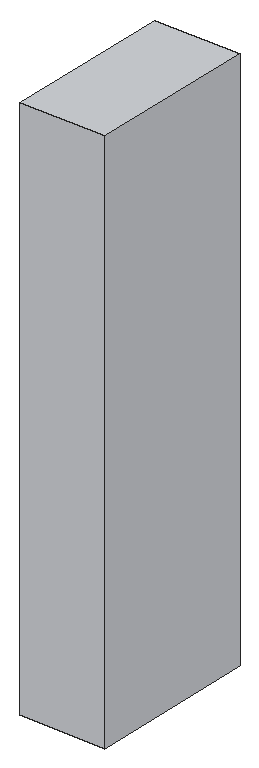
Revit family "族3", category 常规模型, Revit 2020
Family settings
  可将钢筋附着到主体 = 否
  圆形连接件大小 = 使用直径
  零件类型 = 标准
  基于工作平面 = 否
  总是垂直 = 是
  加载时剪切的空心 = 否
  共享 = 否
  房间计算点 = 否
Parameters (values of type "族1")
  默认高程 = 0 mm
  支吊架高度 [instance] = 649.551 mm
  宽度 [instance] = 1140.324 mm
Types (7): name
  族1
  -1.14332717424338*-3.84082567454474
  -1.14332717424337*2.69093400125539
  -1.14332717424338*-5.28317586845778
  -1.14332717424338*-3.27253024732768
  -0.867285507576687*0.593096627084481
  2
Reference planes
  plane 1 "中心(前/后)": y = 0
  plane 2: z = 0
  plane 3 "中心(左/右)": x = 0
  plane 4: x = -570.162
  plane 5: x = 570.162
  plane 6: z = 649.551
  plane 7: x = -470.162
  plane 8: x = 470.162
  plane 9: z = 100
Forms (mm)
  Extrusion 1, solid
    sketch origin (0, 0, 0) x (1, 0, 0) y (0, 0, 1)
      loop
        line (470.162, 0) -> (570.162, 0) -> (570.162, 649.551) -> (470.162, 649.551) -> (470.162, 0)
    from -100 to 100
Dimensions and locks
  equal spacing: plane 5, plane 3 "中心(左/右)", plane 4
  "宽度": plane 5 to plane 4
  "支吊架高度": plane 6 to level
  plane 7 to plane 4 = 100 mm
  plane 5 to plane 8 = 100 mm
  plane 9 to level = 100 mm
  aligned and locked: level to plane 2
  aligned and locked: Extrusion 1 to level
  aligned and locked: Extrusion 1 to plane 8
  aligned and locked: Extrusion 1 to plane 5
  aligned and locked: plane 6 to Extrusion 1
Automatic sketch dimensions
  Extrusion 1 sketch curve to plane 6 = 0 mm
  Extrusion 1 sketch curve to plane 8 = 0 mm
  Extrusion 1 sketch curve to level = 0 mm
  plane 5 to Extrusion 1 sketch curve = 0 mm
